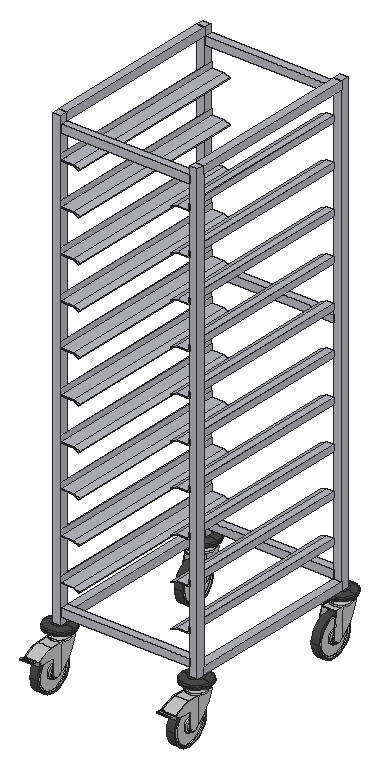
Revit family "QF_BOURGEAT_Chariot_multi_standard_Gastro_et_Pâtissier", category Equipement spécialisé, Revit 2015
Parameters (values of type "10 niveaux - espacement 37 mm")
  URL catalogue = "http://www.bourgeat.fr"
  URL = ""
  Type article = ""
  Spécification du Fabricant = "Chariot multi-standard"
  Profondeur hors tout = 680 mm
  Profondeur echelle = Profondeur hors tout - 75 mm  # 605 mm
  Poids à vide = "33 kg"
  Poids net à vide = 33.00 kg
  Norme = "EN 631.2"
  Niveaux = 10
  Modèle = "776510"
  Longueur hors tout = 540 mm
  Hauteur hors tout = 1650 mm
  Hauteur echelle = Hauteur hors tout - 163 mm  # 1487 mm
  Fabricant = "BOURGEAT"
  Description = ""
  Contact SAV = "0033(4).76.32.14.44"
  Type Comments = ""
  Charge totale maxi = "200 kg par chariot"
  Charge maxi = "20 kg par glissière"
  Charge max = 200.00 kg
  Certification = "NF Hygiène Alimentaire"
  Barre renfort longueur = Longueur hors tout - 125 mm  # 415 mm
  Barre renfort largeur = Profondeur hors tout - 125 mm  # 555 mm
Reference planes
  plane 1 "Centre (avant/arrière)": y = 0
  plane 2: z = 0
  plane 3 "Centre (gauche/droite)": x = 0
  plane 4: y = 340
  plane 5: y = -340
  plane 6: x = -270
  plane 7: x = 270
  plane 8: x = -220
  plane 9: x = 220
  plane 10: y = -290
  plane 11: y = 290
  plane 12: z = 163
  plane 13: z = 1650
  plane 14: z = 207
  plane 15: z = 207
  plane 16: z = 1018
  plane 17: z = 1600
  plane 18: z = 943
Dimensions and locks
  equal spacing: plane 6, plane 3 "Centre (gauche/droite)", plane 7
  equal spacing: plane 4, plane 1 "Centre (avant/arrière)", plane 5
  "Longueur hors tout": plane 6 to plane 7
  "Profondeur hors tout": plane 4 to plane 5
  locked: plane 4 to plane 11 at 50
  locked: plane 10 to plane 5 at 50
  locked: plane 9 to plane 7 at 50
  locked: plane 6 to plane 8 at 50
  "Hauteur hors tout": plane 13 to level
  plane 15 to plane 12 = 44 mm
  locked: plane 16 to plane 12 at 855
  locked: plane 13 to plane 17 at 50
  locked: plane 12 to plane 2 at 163
  locked: plane 16 to plane 18 at 75
  plane 15 to plane 2 = 207 mm
  aligned and locked: level to plane 2
  aligned and locked: plane 11 to nested 3
  aligned and locked: nested 3 to plane 9
  aligned and locked: nested 4 to plane 8
  aligned and locked: plane 11 to nested 4
  aligned and locked: plane 10 to nested 1
  aligned and locked: nested 1 to plane 8
  aligned and locked: plane 10 to nested 2
  aligned and locked: nested 2 to plane 9
  aligned and locked: nested 5 to plane 11
  aligned and locked: nested 5 to plane 14
  aligned and locked: nested 6 to plane 10
  aligned and locked: nested 8 to plane 16
  aligned and locked: nested 8 to plane 10
  aligned and locked: nested 9 to plane 12
  aligned and locked: plane 1 "Centre (avant/arrière)" to nested 9
  aligned and locked: nested 9 to plane 9
  aligned and locked: plane 8 to nested 10
  aligned and locked: nested 10 to plane 12
  aligned and locked: nested 10 to plane 1 "Centre (avant/arrière)"
  aligned and locked: nested 7 to plane 17
  aligned and locked: plane 3 "Centre (gauche/droite)" to nested 7
  aligned and locked: nested 7 to plane 10
  aligned and locked: plane 3 "Centre (gauche/droite)" to nested 11
  aligned and locked: nested 11 to plane 17
  aligned and locked: nested 11 to plane 11
  aligned and locked: nested 6 to plane 15
  aligned and locked: plane 15 to plane 14
  aligned and locked: plane 3 "Centre (gauche/droite)" to nested 12
  aligned and locked: nested 12 to plane 11
  aligned and locked: nested 12 to plane 18
  aligned and locked: nested 15 to plane 1 "Centre (avant/arrière)"
  aligned and locked: nested 16 to plane 1 "Centre (avant/arrière)"
  aligned and locked: nested 13 to plane 1 "Centre (avant/arrière)"
  aligned and locked: nested 14 to plane 1 "Centre (avant/arrière)"
  aligned and locked: plane 8 to nested 14
  aligned and locked: plane 8 to nested 15
  aligned and locked: plane 9 to nested 13
  aligned and locked: plane 9 to nested 16
  aligned and locked: plane 15 to nested 15
  aligned and locked: plane 15 to nested 16
  aligned and locked: plane 13 to nested 13
  aligned and locked: plane 13 to nested 14
Nested families
  nested 1: "ROULETTE" at (-220, -290, 0) x (-1, 0, 0) z (0, 0, 1), type "ROULETTE"
    with Sans frein no, Avec frein yes
  nested 2: "ROULETTE" at (220, -290, 0) x (-1, 0, 0) z (0, 0, 1), type "ROULETTE"
    with Sans frein no, Avec frein yes
  nested 3: "ROULETTE" at (220, 290, 0) x (-1, 0, 0) z (0, 0, 1), type "ROULETTE"
    with Sans frein yes, Avec frein no
  nested 4: "ROULETTE" at (-220, 290, 0) x (-1, 0, 0) z (0, 0, 1), type "ROULETTE"
    with Sans frein yes, Avec frein no
  nested 5: "Barre de renfort" at (0, 290, 219.5), Longueur <- "Barre renfort longueur", type "Barre de renfort"
  nested 6: "Barre de renfort" at (0, -290, 219.5), Longueur <- "Barre renfort longueur", type "Barre de renfort"
  nested 7: "Barre de renfort" at (0, -290, 1612.5), Longueur <- "Barre renfort longueur", type "Barre de renfort"
  nested 8: "Barre de renfort" at (0, -290, 1030.5), Longueur <- "Barre renfort longueur", type "Barre de renfort", not visible
  nested 9: "Echelle soudée droite" at (220, 0, 163) x (0, -1, 0) z (0, 0, 1), Hauteur <- "Hauteur echelle", Niveaux <- "Niveaux", type "Echelle soudée droite"
    with Niveaux 10, Hauteur 1487 mm
  nested 10: "Echelle soudée droite" at (-220, 0, 163) x (0, 1, 0) z (0, 0, 1), Hauteur <- "Hauteur echelle", Niveaux <- "Niveaux", type "Echelle soudée droite"
    with Niveaux 10, Hauteur 1487 mm
  nested 11: "Barre de renfort" at (0, 290, 1612.5), Longueur <- "Barre renfort longueur", type "Barre de renfort"
  nested 12: "Barre de renfort" at (0, 290, 955.5), Longueur <- "Barre renfort longueur", type "Barre de renfort"
  nested 13: "Barre de renfort" at (220, 0, 1637.5) x (0, 1, 0) z (0, 0, 1), Longueur <- "Barre renfort largeur", type "Barre de renfort"
    with Longueur 555 mm
  nested 14: "Barre de renfort" at (-220, 0, 1637.5) x (0, 1, 0) z (0, 0, 1), Longueur <- "Barre renfort largeur", type "Barre de renfort"
    with Longueur 555 mm
  nested 15: "Barre de renfort" at (-220, 0, 194.5) x (0, 1, 0) z (0, 0, 1), Longueur <- "Barre renfort largeur", type "Barre de renfort"
    with Longueur 555 mm
  nested 16: "Barre de renfort" at (220, 0, 194.5) x (0, 1, 0) z (0, 0, 1), Longueur <- "Barre renfort largeur", type "Barre de renfort"
    with Longueur 555 mm
Definition of nested family "ROULETTE"
  Parameters (values of type "ROULETTE")
    Sans frein [instance] = yes
    Avec frein [instance] = yes
  Reference planes
    plane 1 "Centre (avant/arrière)": y = 0
    plane 2: z = 0
    plane 3 "Centre (gauche/droite)": x = 0
    plane 4: y = 40.851
    plane 5: z = 62.5
  Forms (mm)
    Extrusion 1, solid
      sketch origin (0, 0, 0) x (0, 1, 0) y (0, 0, 1)
        loop
          circle (40.851, 62.5) r 62.5
        loop
          circle (40.851, 62.5) r 57.5
      from -12.5 to 12.5
    Revolve 2, solid
      sketch origin (0, 0, 30.333) x (1, 0, 0) y (0, 0, 1)
        loop
          line (0, 151.667) -> (-25, 151.667) -> (-45.338, 146.217)
          arc (-45.338, 146.217) -> (-46.897, 145.175) -> (-47.5, 143.4) r 2.917
          line (-47.5, 143.4) -> (-47.5, 138.833)
          arc (-47.5, 138.833) -> (-47.012, 137.655) -> (-45.833, 137.167) r 1.667
          line (-45.833, 137.167) -> (-24.607, 137.167) -> (-24, 132.667) -> (0, 132.667) -> (0, 151.667)
        axis (0, 151.667) -> (0, 132.667)
      angle from 0 to 360
    Revolve 3, solid
      sketch origin (0, 0, 0) x (0, 1, 0) y (0, 0, 1)
        loop
          line (0, 163) -> (-20.149, 163) -> (-20.149, 159.41) -> (-21.6, 159.41)
          arc (-21.6, 159.41) -> (-24.448, 158.65) -> (-26.537, 156.572) r 5.712
          line (-26.537, 156.572) -> (-30.146, 147.743) -> (-26.999, 147.062) -> (-26.999, 146.112)
          arc (-26.999, 146.112) -> (-27.23, 145.314) -> (-27.849, 144.761) r 1.5
          arc (-27.849, 144.761) -> (-29.223, 143.633) -> (-29.923, 142) r 3.75
          line (-29.923, 142) -> (0, 142) -> (0, 163)
        axis (0, 163) -> (0, 142)
      angle from 0 to 360
    Extrusion 4, solid
      sketch origin (0, 0, 0) x (0, 1, 0) y (0, 0, -1)
        loop
          line (-29.974, -138.241) -> (-29.974, -142) -> (21.747, -142) -> (21.747, -60.336)
          arc (21.747, -60.336) -> (10.272, -70.702) -> (-0.149, -82.127) r 160.057
          arc (-0.149, -82.127) -> (-17.883, -108.684) -> (-29.974, -138.241) r 159.585
      from -24.913 to -23.038
    Extrusion 5, solid
      sketch origin (0, 0, 0) x (0, 1, 0) y (0, 0, 1)
        loop
          line (-29.974, 142) -> (-29.974, 140.869) -> (21.747, 140.869) -> (21.747, 142) -> (-29.974, 142)
      from -23.038 to 23.038
    Extrusion 6, solid
      sketch origin (0, 0, 0) x (0, 1, 0) y (0, 0, 1)
        loop
          circle (40.851, 62.5) r 57.5
        loop
          circle (40.851, 62.5) r 55
      from -12.5 to 12.5
    Extrusion 7, solid
      sketch origin (0, 0, 0) x (0, 1, 0) y (0, 0, 1)
        loop
          circle (40.851, 62.5) r 55
      from -7 to 7
    Extrusion 8, solid
      sketch origin (0, 0, 0) x (0, 1, 0) y (0, 0, 1)
        loop
          circle (40.851, 62.5) r 21
      from 7 to 15
    Extrusion 9, solid
      sketch origin (0, 0, 0) x (0, 1, 0) y (0, 0, -1)
        loop
          circle (40.851, -62.5) r 16
      from -23.038 to -15
    Extrusion 10, solid, visible <- "Sans frein"
      sketch origin (0, 0, 0) x (0, 1, 0) y (0, 0, 1)
        loop
          arc (21.747, 60.336) -> (23.188, 59.17) -> (24.642, 58.02) r 161.23
          arc (24.642, 58.02) -> (29.34, 54.513) -> (34.187, 51.216) r 133.333
          arc (34.187, 51.216) -> (46.517, 50.3) -> (53.927, 60.198) r 12.867
          arc (53.927, 60.198) -> (54.714, 99.183) -> (46.119, 137.216) r 161.222
          arc (46.119, 137.216) -> (45.679, 138.887) -> (45.531, 140.609) r 10.076
          line (45.531, 140.609) -> (45.531, 142) -> (21.747, 142) -> (21.747, 60.336)
      from 23.038 to 24.913
    Extrusion 11, solid, visible <- "Sans frein"
      sketch origin (0, 0, 0) x (0, 1, 0) y (0, 0, 1)
        loop
          line (21.747, 142) -> (21.747, 140.701) -> (48.851, 140.701) -> (48.851, 142) -> (21.747, 142)
      from -23.038 to 23.038
    Extrusion 12, solid, visible <- "Avec frein"
      sketch origin (0, 0, 0) x (0, 1, 0) y (0, 0, 1)
        loop
          line (21.747, 142) -> (21.747, 60.336)
          arc (21.747, 60.336) -> (23.177, 59.179) -> (24.62, 58.038) r 160.008
          arc (24.62, 58.038) -> (29.041, 54.705) -> (33.574, 51.527) r 160
          arc (33.574, 51.527) -> (46.135, 50.422) -> (53.724, 60.491) r 13
          arc (53.724, 60.491) -> (55.279, 82.092) -> (53.902, 103.704) r 160
          arc (53.902, 103.704) -> (55.53, 108.653) -> (60.415, 110.463) r 6
          arc (60.415, 110.463) -> (80.625, 109.924) -> (100.725, 112.107) r 150
          arc (100.725, 112.107) -> (104.408, 113.406) -> (107.479, 115.819) r 12
          line (107.479, 115.819) -> (110.851, 121.523)
          arc (110.851, 121.523) -> (85.913, 134.651) -> (58.706, 142) r 127.902
          line (58.706, 142) -> (21.747, 142)
      from 23.038 to 24.913
    Extrusion 13, solid, visible <- "Avec frein"
      sketch origin (0, 0, 0) x (0, 1, 0) y (0, 0, 1)
        loop
          line (58.706, 142) -> (21.747, 142) -> (21.747, 140) -> (58.552, 140)
          arc (58.552, 140) -> (85.253, 132.762) -> (109.73, 119.866) r 125.902
          line (109.73, 119.866) -> (110.851, 121.523)
          arc (110.851, 121.523) -> (85.913, 134.651) -> (58.706, 142) r 127.902
      from -23.038 to 23.038
    Extrusion 14, solid, visible <- "Avec frein"
      sketch origin (0, 19.896, 18.175) x (0, 1, 0) y (0, 0, 1)
        loop
          line (87.583, 97.644) -> (91.829, 95.227)
          arc (91.829, 95.227) -> (93.8, 95.006) -> (95.312, 96.29) r 2.5
          arc (95.312, 96.29) -> (103.495, 100.002) -> (111.176, 104.666) r 74.999
          line (111.176, 104.666) -> (110.852, 105.929)
          arc (110.852, 105.929) -> (110.04, 107.086) -> (108.666, 107.417) r 2
          arc (108.666, 107.417) -> (101.396, 105.849) -> (94.512, 103.034) r 42.354
          line (94.512, 103.034) -> (93.479, 101.228) -> (93.285, 100.414) -> (91.69, 101.675) -> (90.401, 102.412) -> (87.583, 97.644)
      from -23.038 to 23.038
    Extrusion 15, solid, not visible
      sketch origin (0, 0, 0) x (0, 1, 0) y (0, 0, 1)
        loop
          circle (34.167, 52.083) r 52.083
        loop
          circle (34.167, 52.083) r 47.917
      from -12.5 to 12.5
    Revolve 16, solid, not visible
      sketch origin (0, 0, 0) x (1, 0, 0) y (0, 0, 1)
        loop
          line (0, 151.667) -> (-20.833, 151.667) -> (-37.422, 147.222)
          arc (-37.422, 147.222) -> (-38.981, 146.18) -> (-39.583, 144.405) r 2.917
          line (-39.583, 144.405) -> (-39.583, 141.25)
          arc (-39.583, 141.25) -> (-39.095, 140.071) -> (-37.917, 139.583) r 1.667
          line (-37.917, 139.583) -> (-20.506, 139.583) -> (-20, 135.833) -> (0, 135.833) -> (0, 151.667)
        axis (0, 151.667) -> (0, 135.833)
      angle from 0 to 360
    Revolve 17, solid, not visible
      sketch origin (0, 0, 0) x (0, 1, 0) y (0, 0, 1)
        loop
          line (-16.667, 135.833) -> (-16.667, 132.842) -> (-17.876, 132.842)
          arc (-17.876, 132.842) -> (-20.158, 132.259) -> (-21.881, 130.654) r 4.76
          arc (-21.881, 130.654) -> (-23.777, 127.026) -> (-24.997, 123.12) r 22.917
          line (-24.997, 123.12) -> (-22.375, 122.552) -> (-22.375, 121.76)
          arc (-22.375, 121.76) -> (-22.567, 121.095) -> (-23.083, 120.634) r 1.25
          arc (-23.083, 120.634) -> (-24.375, 119.481) -> (-24.854, 117.818) r 3.125
          line (-24.854, 117.818) -> (0, 117.818) -> (0, 135.833) -> (-16.667, 135.833)
        axis (0, 135.833) -> (0, 117.818)
      angle from 0 to 360
    Extrusion 18, solid, not visible
      sketch origin (0, 0, 0) x (0, 1, 0) y (0, 0, -1)
        loop
          line (-24.854, -115.199) -> (-24.854, -117.818) -> (18.247, -117.818) -> (18.247, -50.28) -> (15.456, -52.631) -> (0, -68.439)
          arc (0, -68.439) -> (-14.771, -90.573) -> (-24.854, -115.199) r 133.414
      from -24.913 to -23.038
    Extrusion 19, solid, not visible
      sketch origin (0, 0, 0) x (0, 1, 0) y (0, 0, 1)
        loop
          line (-24.854, 117.818) -> (-24.854, 116.875) -> (18.247, 116.875) -> (18.247, 117.818) -> (-24.854, 117.818)
      from -23.038 to 23.038
    Extrusion 20, solid, not visible
      sketch origin (0, 0, 0) x (0, 1, 0) y (0, 0, 1)
        loop
          circle (34.167, 52.083) r 47.917
        loop
          circle (34.167, 52.083) r 45.833
      from -12.5 to 12.5
    Extrusion 21, solid, not visible
      sketch origin (0, 0, 0) x (0, 1, 0) y (0, 0, 1)
        loop
          circle (34.167, 52.083) r 45.833
        loop
          circle (34.167, 52.083) r 17.5
      from -7 to 7
    Extrusion 22, solid, not visible
      sketch origin (0, 0, 0) x (0, 1, 0) y (0, 0, 1)
        loop
          circle (34.167, 52.083) r 17.5
      from -15 to 15
    Extrusion 23, solid, not visible
      sketch origin (0, 0, 0) x (0, 1, 0) y (0, 0, 1)
        loop
          circle (34.167, 52.083) r 12.5
      from -23.038 to -15
    Extrusion 24, solid, not visible
      sketch origin (0, 0, 0) x (0, 1, 0) y (0, 0, -1)
        loop
          circle (34.167, -52.083) r 12.5
      from -23.038 to -15
    Extrusion 25, solid, not visible
      sketch origin (0, 0, 0) x (0, 1, 0) y (0, 0, 1)
        loop
          arc (-24.854, 115.199) -> (-14.771, 90.573) -> (0, 68.439) r 133.414
          line (0, 68.439) -> (15.456, 52.631) -> (18.247, 50.28) -> (18.247, 117.818) -> (-24.854, 117.818) -> (-24.854, 115.199)
      from -24.913 to -23.038
    Extrusion 26, solid, visible <- "Sans frein", not visible
      sketch origin (0, 0, 0) x (0, 1, 0) y (0, 0, 1)
        loop
          arc (18.247, 50.28) -> (19.439, 49.316) -> (20.641, 48.365) r 133.34
          arc (20.641, 48.365) -> (24.325, 45.588) -> (28.103, 42.939) r 133.333
          arc (28.103, 42.939) -> (38.57, 42.018) -> (44.895, 50.409) r 10.833
          arc (44.895, 50.409) -> (45.499, 82.529) -> (38.403, 113.861) r 133.333
          arc (38.403, 113.861) -> (38.039, 115.243) -> (37.917, 116.667) r 8.333
          line (37.917, 116.667) -> (37.917, 117.818) -> (18.247, 117.818) -> (18.247, 50.28)
      from 23.038 to 24.913
    Extrusion 27, solid, visible <- "Sans frein", not visible
      sketch origin (0, 0, 0) x (0, 1, 0) y (0, 0, -1)
        loop
          line (18.247, -50.28) -> (18.247, -117.818) -> (37.917, -117.818) -> (37.917, -116.667)
          arc (37.917, -116.667) -> (38.039, -115.243) -> (38.403, -113.861) r 8.333
          arc (38.403, -113.861) -> (45.499, -82.529) -> (44.895, -50.409) r 133.333
          arc (44.895, -50.409) -> (38.57, -42.018) -> (28.103, -42.939) r 10.833
          arc (28.103, -42.939) -> (24.325, -45.588) -> (20.641, -48.365) r 133.333
          arc (20.641, -48.365) -> (19.439, -49.316) -> (18.247, -50.28) r 133.34
      from 23.038 to 24.913
    Extrusion 28, solid, visible <- "Sans frein", not visible
      sketch origin (0, 0, 0) x (0, 1, 0) y (0, 0, 1)
        loop
          line (18.247, 117.818) -> (18.247, 116.875) -> (37.917, 116.875) -> (37.917, 117.818) -> (18.247, 117.818)
      from -23.038 to 23.038
    Extrusion 29, solid, visible <- "Avec frein", not visible
      sketch origin (0, 0, 0) x (0, 1, 0) y (0, 0, 1)
        loop
          arc (18.247, 50.28) -> (19.439, 49.316) -> (20.641, 48.365) r 133.34
          arc (20.641, 48.365) -> (24.325, 45.588) -> (28.103, 42.939) r 133.333
          arc (28.103, 42.939) -> (38.57, 42.018) -> (44.895, 50.409) r 10.833
          arc (44.895, 50.409) -> (46.191, 68.96) -> (44.895, 87.51) r 133.333
          arc (44.895, 87.51) -> (46.675, 90.916) -> (50.346, 92.053) r 5
          arc (50.346, 92.053) -> (67.188, 91.603) -> (83.937, 93.422) r 125
          arc (83.937, 93.422) -> (87.006, 94.505) -> (89.566, 96.516) r 10
          line (89.566, 96.516) -> (92.375, 101.269) -> (92.894, 102.146)
          arc (92.894, 102.146) -> (72.773, 111.524) -> (51.484, 117.818) r 149.407
          line (51.484, 117.818) -> (18.247, 117.818) -> (18.247, 50.28)
      from 23.038 to 24.913
    Extrusion 30, solid, visible <- "Avec frein", not visible
      sketch origin (0, 0, 0) x (0, 1, 0) y (0, 0, 1)
        loop
          line (18.247, 117.818) -> (18.247, 116.918) -> (51.387, 116.918)
          arc (51.387, 116.918) -> (72.489, 110.669) -> (92.436, 101.371) r 148.507
          line (92.436, 101.371) -> (92.894, 102.146)
          arc (92.894, 102.146) -> (72.773, 111.524) -> (51.484, 117.818) r 149.407
          line (51.484, 117.818) -> (18.247, 117.818)
      from -23.038 to 23.038
    Extrusion 31, solid, visible <- "Avec frein", not visible
      sketch origin (0, 0, 0) x (0, 1, 0) y (0, 0, -1)
        loop
          line (18.247, -50.28) -> (18.247, -117.818) -> (51.484, -117.818)
          arc (51.484, -117.818) -> (72.773, -111.524) -> (92.894, -102.146) r 149.407
          line (92.894, -102.146) -> (92.375, -101.269) -> (89.566, -96.516)
          arc (89.566, -96.516) -> (87.006, -94.505) -> (83.937, -93.422) r 10
          arc (83.937, -93.422) -> (67.188, -91.603) -> (50.346, -92.053) r 125
          arc (50.346, -92.053) -> (46.675, -90.916) -> (44.895, -87.51) r 5
          arc (44.895, -87.51) -> (46.191, -68.96) -> (44.895, -50.409) r 133.333
          arc (44.895, -50.409) -> (38.57, -42.018) -> (28.103, -42.939) r 10.833
          arc (28.103, -42.939) -> (24.325, -45.588) -> (20.641, -48.365) r 133.333
          arc (20.641, -48.365) -> (19.439, -49.316) -> (18.247, -50.28) r 133.34
      from 23.038 to 24.913
    Extrusion 32, solid, visible <- "Avec frein", not visible
      sketch origin (0, 0, 0) x (0, 1, 0) y (0, 0, 1)
        loop
          line (92.988, 99.875) -> (89.934, 101.621) -> (87.583, 97.644) -> (93.104, 94.501)
          arc (93.104, 94.501) -> (94.747, 94.317) -> (96.006, 95.387) r 2.083
          arc (96.006, 95.387) -> (102.826, 98.48) -> (109.226, 102.367) r 62.499
          line (109.226, 102.367) -> (108.956, 103.42)
          arc (108.956, 103.42) -> (108.28, 104.384) -> (107.135, 104.66) r 1.667
          arc (107.135, 104.66) -> (101.536, 103.565) -> (96.139, 101.716) r 41.633
          arc (96.139, 101.716) -> (95.681, 101.427) -> (95.34, 101.007) r 1.667
          line (95.34, 101.007) -> (94.162, 98.947) -> (92.988, 99.875)
      from -23.038 to 23.038
    Extrusion 33, solid, not visible
      sketch origin (0, 0, 0) x (0, 1, 0) y (0, 0, -1)
        loop
          line (-29.974, -138.241) -> (-29.974, -142) -> (21.747, -142) -> (21.747, -60.336)
          arc (21.747, -60.336) -> (10.272, -70.702) -> (-0.149, -82.127) r 160.057
          arc (-0.149, -82.127) -> (-17.883, -108.684) -> (-29.974, -138.241) r 159.585
      from -24.913 to -23.038
    Extrusion 34, solid, not visible
      sketch origin (0, 0, 0) x (0, 1, 0) y (0, 0, 1)
        loop
          circle (40.851, 62.5) r 21
      from 7 to 15
    Extrusion 35, solid, not visible
      sketch origin (0, 0, 0) x (0, 1, 0) y (0, 0, -1)
        loop
          circle (40.851, -62.5) r 16
      from -23.038 to -15
    Extrusion 36, solid, visible <- "Sans frein", not visible
      sketch origin (0, 0, 0) x (0, 1, 0) y (0, 0, 1)
        loop
          arc (21.747, 60.336) -> (23.188, 59.17) -> (24.642, 58.02) r 161.23
          arc (24.642, 58.02) -> (29.34, 54.513) -> (34.187, 51.216) r 133.333
          arc (34.187, 51.216) -> (46.517, 50.3) -> (53.927, 60.198) r 12.867
          arc (53.927, 60.198) -> (54.714, 99.183) -> (46.119, 137.216) r 161.222
          arc (46.119, 137.216) -> (45.679, 138.887) -> (45.531, 140.609) r 10.076
          line (45.531, 140.609) -> (45.531, 142) -> (21.747, 142) -> (21.747, 60.336)
      from 23.038 to 24.913
    Extrusion 37, solid, visible <- "Avec frein", not visible
      sketch origin (0, 0, 0) x (0, 1, 0) y (0, 0, 1)
        loop
          line (21.747, 142) -> (21.747, 60.336)
          arc (21.747, 60.336) -> (23.177, 59.179) -> (24.62, 58.038) r 160.008
          arc (24.62, 58.038) -> (29.041, 54.705) -> (33.574, 51.527) r 160
          arc (33.574, 51.527) -> (46.135, 50.422) -> (53.724, 60.491) r 13
          arc (53.724, 60.491) -> (55.279, 82.092) -> (53.902, 103.704) r 160
          arc (53.902, 103.704) -> (55.53, 108.653) -> (60.415, 110.463) r 6
          arc (60.415, 110.463) -> (80.625, 109.924) -> (100.725, 112.107) r 150
          arc (100.725, 112.107) -> (104.408, 113.406) -> (107.479, 115.819) r 12
          line (107.479, 115.819) -> (110.851, 121.523)
          arc (110.851, 121.523) -> (85.913, 134.651) -> (58.706, 142) r 127.902
          line (58.706, 142) -> (21.747, 142)
      from 23.038 to 24.913
    Extrusion 38, solid
      sketch origin (0, 0, 0) x (0, -1, 0) y (0, 0, -1)
        loop
          arc (29.974, -138.241) -> (17.883, -108.684) -> (0.149, -82.127) r 159.585
          arc (0.149, -82.127) -> (-10.272, -70.702) -> (-21.747, -60.336) r 160.057
          line (-21.747, -60.336) -> (-21.747, -142) -> (29.974, -142) -> (29.974, -138.241)
      from -24.913 to -23.038
    Extrusion 39, solid
      sketch origin (0, 0, 0) x (0, -1, 0) y (0, 0, 1)
        loop
          circle (-40.851, 62.5) r 21
      from 7 to 15
    Extrusion 40, solid
      sketch origin (0, 0, 0) x (0, -1, 0) y (0, 0, -1)
        loop
          circle (-40.851, -62.5) r 16
      from -23.038 to -15
    Extrusion 41, solid, visible <- "Sans frein"
      sketch origin (0, 0, 0) x (0, -1, 0) y (0, 0, 1)
        loop
          line (-21.747, 60.336) -> (-21.747, 142) -> (-45.531, 142) -> (-45.531, 140.609)
          arc (-45.531, 140.609) -> (-45.679, 138.887) -> (-46.119, 137.216) r 10.076
          arc (-46.119, 137.216) -> (-54.714, 99.183) -> (-53.927, 60.198) r 161.222
          arc (-53.927, 60.198) -> (-46.517, 50.3) -> (-34.187, 51.216) r 12.867
          arc (-34.187, 51.216) -> (-29.34, 54.513) -> (-24.642, 58.02) r 133.333
          arc (-24.642, 58.02) -> (-23.188, 59.17) -> (-21.747, 60.336) r 161.23
      from 23.038 to 24.913
    Extrusion 42, solid, visible <- "Avec frein"
      sketch origin (0, 0, 0) x (0, -1, 0) y (0, 0, 1)
        loop
          line (-21.747, 142) -> (-58.706, 142)
          arc (-58.706, 142) -> (-85.913, 134.651) -> (-110.851, 121.523) r 127.902
          line (-110.851, 121.523) -> (-107.479, 115.819)
          arc (-107.479, 115.819) -> (-104.408, 113.406) -> (-100.725, 112.107) r 12
          arc (-100.725, 112.107) -> (-80.625, 109.924) -> (-60.415, 110.463) r 150
          arc (-60.415, 110.463) -> (-55.53, 108.653) -> (-53.902, 103.704) r 6
          arc (-53.902, 103.704) -> (-55.279, 82.092) -> (-53.724, 60.491) r 160
          arc (-53.724, 60.491) -> (-46.135, 50.422) -> (-33.574, 51.527) r 13
          arc (-33.574, 51.527) -> (-29.041, 54.705) -> (-24.62, 58.038) r 160
          arc (-24.62, 58.038) -> (-23.177, 59.179) -> (-21.747, 60.336) r 160.008
          line (-21.747, 60.336) -> (-21.747, 142)
      from 23.038 to 24.913
  Dimensions and locks
    aligned and locked: level to plane 2
Definition of nested family "Barre de renfort"
  Parameters (values of type "Barre de renfort")
    Longueur [instance] = 415 mm
  Reference planes
    plane 1 "Centre (avant/arrière)": y = 0
    plane 2: z = 0
    plane 3 "Centre (gauche/droite)": x = 0
    plane 4: x = -207.5
    plane 5: x = 207.5
  Forms (mm)
    Extrusion 1, solid
      sketch origin (0, 0, 0) x (0, 1, 0) y (0, 0, 1)
        loop
          line (-12.5, 12.5) -> (-12.5, -12.5) -> (12.5, -12.5) -> (12.5, 12.5) -> (-12.5, 12.5)
      from -207.5 to 207.5
  Dimensions and locks
    equal spacing: plane 4, plane 3 "Centre (gauche/droite)", plane 5
    "Longueur": plane 4 to plane 5
    aligned and locked: level to plane 2
    aligned and locked: plane 5 to Extrusion 1
    aligned and locked: Extrusion 1 to plane 4
  Automatic sketch dimensions
    plane 1 "Centre (avant/arrière)" to Extrusion 1 sketch curve = 12.5 mm
    Extrusion 1 sketch curve to plane 1 "Centre (avant/arrière)" = 12.5 mm
    Extrusion 1 sketch curve to level = 12.5 mm
    level to Extrusion 1 sketch curve = 12.5 mm
Definition of nested family "Echelle soudée droite"
  Parameters (values of type "Echelle soudée droite")
    Profondeur = 605 mm
    Niveaux [instance] = 10
    Hauteur [instance] = 1200 mm
  Reference planes
    plane 1 "Centre (avant/arrière)": y = 0
    plane 2: z = 0
    plane 3 "Centre (gauche/droite)": x = 0
    plane 4: x = -302.5
    plane 5: x = 302.5
    plane 6: z = 1200
    plane 7: z = 1090
    plane 8: z = 160
  Forms (mm)
    Extrusion 1, solid
      sketch origin (0, 0, 0) x (1, 0, 0) y (0, 1, 0)
        loop
          line (-302.5, 12.5) -> (-302.5, -12.5) -> (-277.5, -12.5) -> (-277.5, 12.5) -> (-302.5, 12.5)
        loop
          line (302.5, -12.5) -> (302.5, 12.5) -> (277.5, 12.5) -> (277.5, -12.5) -> (302.5, -12.5)
      from 0 to 1200
  Dimensions and locks
    "Profondeur": plane 5 to plane 4
    "Hauteur": plane 6 to level
    locked: plane 8 to plane 2 at 160
    locked: plane 6 to plane 7 at 110
    equal spacing: group 1, group 3, group 4, group 5, group 6, group 7, group 8, group 9, group 10, group 2  (x3)
    equal spacing: plane 5, plane 3 "Centre (gauche/droite)", plane 4
    aligned and locked: level to plane 2
    aligned and locked: plane 8 to nested 1
    aligned and locked: plane 7 to nested 2
    aligned and locked: Extrusion 1 to level
    aligned and locked: plane 6 to Extrusion 1
  Automatic sketch dimensions
    Extrusion 1 sketch curve to plane 1 "Centre (avant/arrière)" = 12.5 mm  (x2)
    plane 4 to Extrusion 1 sketch curve = 25 mm
    plane 4 to Extrusion 1 sketch curve = 0 mm
    plane 1 "Centre (avant/arrière)" to Extrusion 1 sketch curve = 12.5 mm  (x2)
    Extrusion 1 sketch curve to Extrusion 1 sketch curve = 25 mm
    Extrusion 1 sketch curve to plane 5 = 0 mm
  Nested families
    nested 1: "GLISSIERE" at (0, -12.5, 140), Long Rail <- "Profondeur", type "GLISSIERE"
      with Long Rail 605 mm
    nested 2: "GLISSIERE" at (0, -12.5, 1070), Long Rail <- "Profondeur", type "GLISSIERE"
      with Long Rail 605 mm
    nested 3: "GLISSIERE" at (0, -12.5, 243.333), Long Rail <- "Profondeur", type "GLISSIERE"
      with Long Rail 605 mm
    nested 4: "GLISSIERE" at (0, -12.5, 346.667), Long Rail <- "Profondeur", type "GLISSIERE"
      with Long Rail 605 mm
    nested 5: "GLISSIERE" at (0, -12.5, 450), Long Rail <- "Profondeur", type "GLISSIERE"
      with Long Rail 605 mm
    nested 6: "GLISSIERE" at (0, -12.5, 553.333), Long Rail <- "Profondeur", type "GLISSIERE"
      with Long Rail 605 mm
    nested 7: "GLISSIERE" at (0, -12.5, 656.667), Long Rail <- "Profondeur", type "GLISSIERE"
      with Long Rail 605 mm
    nested 8: "GLISSIERE" at (0, -12.5, 760), Long Rail <- "Profondeur", type "GLISSIERE"
      with Long Rail 605 mm
    nested 9: "GLISSIERE" at (0, -12.5, 863.333), Long Rail <- "Profondeur", type "GLISSIERE"
      with Long Rail 605 mm
    nested 10: "GLISSIERE" at (0, -12.5, 966.667), Long Rail <- "Profondeur", type "GLISSIERE"
      with Long Rail 605 mm
  Definition of nested family "GLISSIERE"
    Parameters (values of type "GLISSIERE")
      Long Rail [instance] = 1000 mm
      Finition = none
    Reference planes
      plane 1 "Centre (avant/arrière)": y = 0
      plane 2: z = 0
      plane 3 "Centre (gauche/droite)": x = 0
      plane 4: x = -500
      plane 5: x = 500
    Forms (mm)
      Extrusion 1, solid, material <- "Finition"
        sketch origin (0, 0, 0) x (0, 1, 0) y (0, 0, 1)
          loop
            line (0, 20) -> (-2, 20) -> (-2, 2) -> (-42, 2) -> (-61.129, -6.12) -> (-60.41, -7.815) -> (-42, 0) -> (0, 0) -> (0, 20)
        from -500 to 500
    Dimensions and locks
      equal spacing: plane 4, plane 3 "Centre (gauche/droite)", plane 5
      "Long Rail": plane 4 to plane 5
      aligned and locked: level to plane 2
      aligned and locked: Extrusion 1 to plane 4
      aligned and locked: plane 5 to Extrusion 1
    Automatic sketch dimensions
      Extrusion 1 sketch curve to level = 0 mm
      Extrusion 1 sketch curve to plane 1 "Centre (avant/arrière)" = 0 mm
      Extrusion 1 sketch curve to Extrusion 1 sketch curve = 2 mm
      Extrusion 1 sketch curve to level = 7.815 mm
      Extrusion 1 sketch curve to Extrusion 1 sketch curve = 18.41 mm
      Extrusion 1 sketch curve to Extrusion 1 sketch curve = 18 mm
      level to Extrusion 1 sketch curve = 2 mm
      Extrusion 1 sketch curve to Extrusion 1 sketch curve = 40 mm
      Extrusion 1 sketch curve to Extrusion 1 sketch curve = 0 mm
